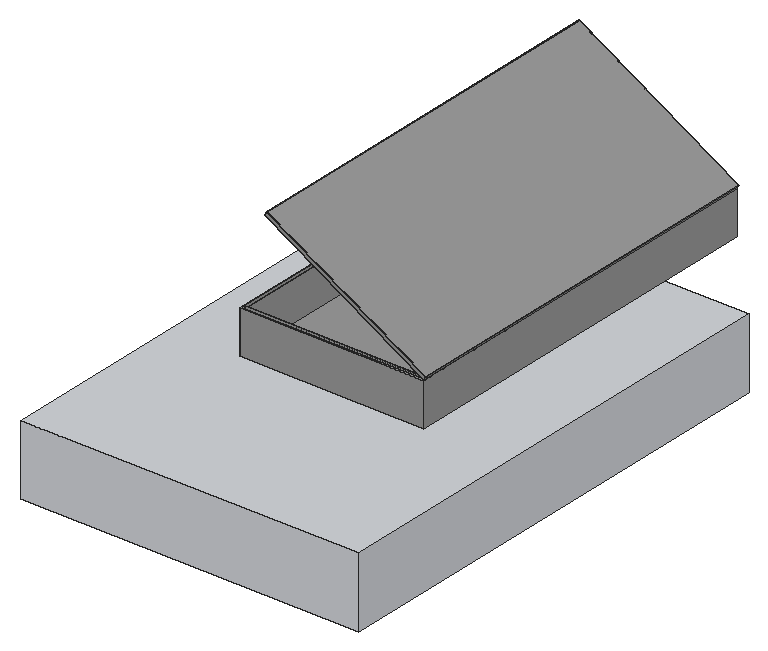
Revit family "Hager-Univers-IP54-D205-H1700-Cl.I-Encl-CH-fr", category Equipement électrique, Revit 2020
Family settings
  Hôte = Face
  Configuration du panneau = Deux colonnes, circuits au sein
  Cote de connecteur circulaire = Utiliser le diamètre
  Type d'élément = Tableau de raccordement
  Couper avec des vides une fois chargée = Non
  Partagée = Non
  Point de calcul de pièce = Non
Parameters (values of type "saillie IP54 L800 H1700 P205  - FP13TW2")
  Width Control [instance] = if([EF000008 - largeur] > Min Width, [EF000008 - largeur], Min Width)  # 800 mm
  Commentaires du type = [HG000003 - Gamme]  # "Univers"
  Thickness Door [instance] = if([EF009171 - épaisseur de matériau de la porte/du couvercle] > 3 mm, 3 mm, [EF009171 - épaisseur de matériau de la porte/du couvercle])  # 1 mm
  Seal Frame Offset [instance] = 17 mm  # constant formula
  Plinth Visibility [instance] = [HG000027 - Hauteur du socle] > 0 mm  # no
  Model = ""
  Min Width [instance] = 100 mm  # constant formula
  Min Height [instance] = 100 mm  # constant formula
  Min Depth [instance] = (2 * [EF009170 - épaisseur de matériau du boîtier]) + 1 mm  # 3 mm
  Internal Frame Depth [instance] = (Door System Depth * 0.5)  # 9 mm
  Height Control [instance] = if([EF000040 - hauteur] > Min Height, [EF000040 - hauteur], Min Height)  # 1700 mm
  HG000027 - Hauteur du socle = 0 mm
  HG000026 - Installation au sol = no
  HG000024 - Hauteur de la section basse = 800 mm
  HG000023 - Armoire double section = no
  HG000016 - Visibilité de la porte 3D [instance] = yes
  HG000015 - Visibilité de l'emprise de la porte [instance] = no
  HG000014 - Porte à droite [instance] = yes
  HG000013 - Porte à gauche [instance] = not([HG000014 - Porte à droite])  # no
  HG000012 - Angle de pivotement de la porte [instance] = 30.00°
  HG000010 - Portes asymétriques = no
  HG000009 - Porte à double battant = no
  HG000006 - Encastré = no
  HG000004 - Référence fabricant = "FP13TW2"
  HG000003 - Gamme = "Univers"
  HG000002 - avec porte = yes
  Frame Offset Bottom [instance] = 10 mm  # constant formula
  Frame Offset [instance] = 15 mm  # constant formula
  EF015940 - couvercle avec décharge de pression = no
  EF011959 - degré de protection (NEMA) = ""
  EF009554 - nombre d'ouvertures pour plaques à bride = 6
  Fabricant = "Hager"  # constant formula
  EF009212 - finition du couvercle = "EV000116 - fermé"
  EF009171 - épaisseur de matériau de la porte/du couvercle = 1 mm
  EF009170 - épaisseur de matériau du boîtier = 1 mm
  EF008873 - courant nominal (In) = 400 A
  EF007800 - adapté à un parafoudre = no
  EF006306 - avec serrure = no
  EF006244 - couvercle/porte transparent(e) = no
  EF005474 - indice de protection (IP) = "EV006419 - IP54"
  EF004464 - type de porte = "EV002646 - unique"
  EF004427 - nombre de modules = 396
  EF004293 - indice de protection contre les chocs (IK) = "EV006815 - IK09"
  EF003532 - convient pour utilisation à l’extérieur = no
  EF002950 - largeur en nombre de modules = 36
  EF001613 - maintien de fonction = "EV000494 - sans"
  EF001596 - matériau du boîtier/corps = "EV000179 - acier"
  EF001131 - profondeur intérieure = 205 mm
  EF001088 - possibilité de montage en saillie = yes
  EF000437 - nombre d'entrées de conduit = 6
  EF000339 - type de capot = "EV001012 - couvercle"
  EF000266 - nombre de rangées = 11
  EF000218 - profondeur d'encastrement = 205 mm
  EF000118 - avec cadre/support de montage = no
  EF000116 - numéro RAL = "9010"
  EF000049 - profondeur = 205 mm
  EF000040 - hauteur = 1700 mm
  EF000008 - largeur = 800 mm
  EF000007 - couleur = "EV000202 - blanc"
  EF000003 - mode de pose = "EV000384 - saillie"
  Door System Leaf Tolerance [instance] = 1.5 mm  # constant formula
  Door System Depth [instance] = 18 mm  # constant formula
  Door Height [instance] = Height Control - [HG000027 - Hauteur du socle]  # 1700 mm
  Depth Control [instance] = if([EF000049 - profondeur] > Min Depth, [EF000049 - profondeur], Min Depth)  # 205 mm
  Default Elevation = 0 mm
  Connector Offset [instance] = Height Control / 2  # 850 mm
  Bottom Top Plate Trim [instance] = 1.5 mm  # constant formula
  Plinth height Ctrl [instance] = if([HG000027 - Hauteur du socle] > 0 mm, [HG000027 - Hauteur du socle], 12 mm)  # 12 mm
Types (5, lengths in mm): name | Width Control | HG000009 - Porte à double battant | HG000004 - Référence fabricant | EF009554 - nombre d'ouvertures pour plaques à bride | EF008873 - courant nominal (In) | EF004464 - type de porte | EF004427 - nombre de modules | EF002950 - largeur en nombre de modules | EF000437 - nombre d'entrées de conduit | EF000008 - largeur
  saillie IP54 L1050 H1700 P205  - FP14TW2 | 1050 | yes | "FP14TW2" | 8 | 400 A | "EV003602 - double" | 528 | 48 | 8 | 1050
  saillie IP54 L1300 H1700 P205  - FP15TW2 | 1300 | no | "FP15TW2" | 10 | 400 A | "EV003602 - double" | 660 | 60 | 10 | 1300
  saillie IP54 L300 H1700 P205  - FP11TW2 | 300 | no | "FP11TW2" | 2 | 250 A | "EV002646 - unique" | 132 | 12 | 2 | 300
  saillie IP54 L550 H1700 P205  - FP12TW2 | 550 | no | "FP12TW2" | 4 | 250 A | "EV002646 - unique" | 264 | 24 | 4 | 550
  saillie IP54 L800 H1700 P205  - FP13TW2 | 800 | no | "FP13TW2" | 6 | 400 A | "EV002646 - unique" | 396 | 36 | 6 | 800
Reference planes
  plane 1 "Center (Front/Back)": y = 0
  plane 2: z = 0
  plane 3 "Center (Left/Right)": x = 0
  plane 4: z = 205
  plane 5: y = 1
  plane 6: y = 850
  plane 7: y = 0
  plane 8: y = 1700
  plane 9: z = 0
  plane 10: x = -385
  plane 11: x = 385
  plane 12: x = 384
  plane 13: x = -384
  plane 14: y = 1699
  plane 15: x = -383
  plane 16: x = -400
  plane 17: x = 383
  plane 18: x = 400
  plane 19: x = 399
  plane 20: x = -399
  plane 21: y = 11
  plane 22: y = 1700
  plane 23: y = 1684
  plane 24: z = 187
  plane 25: z = 1
  plane 26: z = 186
  plane 27: z = 204
Forms (mm)
  Extrusion 1, solid
    sketch origin (0, 0, 0) x (1, 0, 0) y (0, 1, 0)
      loop
        line (-702.964, 1305) -> (-702.964, -811.445) -> (766.763, -811.445) -> (766.763, 1305) -> (-702.964, 1305)
    from 0 to -304.8
  Extrusion 2, solid, material "Hager_Steel_RAL7035_Light_Grey", visible <- "Plinth Visibility", detail levels medium+fine
    sketch origin (0, 0, 0) x (1, 0, 0) y (0, 1, 0)
      loop
        line (-400, 0) -> (400, 0) -> (400, 12) -> (-400, 12) -> (-400, 0)
    from 0 to 187
  Extrusion 3, solid, material "Hager_Steel_RAL7035_Light_Grey", detail levels medium+fine
    sketch origin (0, 0, 0) x (1, 0, 0) y (0, 1, 0)
      loop
        line (-400, 0) -> (400, 0) -> (400, 1700) -> (-400, 1700) -> (-400, 0)
    from 0 to 187
  Extrusion 4, void
    sketch origin (0, 0, 0) x (1, 0, 0) y (0, 1, 0)
      loop
        line (-399, 1) -> (399, 1) -> (399, 1699) -> (-399, 1699) -> (-399, 1)
    from 1 to 186
  Extrusion 5, void
    sketch origin (-381.607, -4572, 187) x (0, -1, 0) y (-1, 0, 0)
      loop
        line (-4583, 2.393) -> (-6256, 2.393) -> (-6256, -765.607) -> (-4583, -765.607) -> (-4583, 2.393)
    from 0 to 1 <- "EF009170 - épaisseur de matériau du boîtier"
  Extrusion 6, solid, material "Hager_Steel_RAL7035_Light_Grey", detail levels fine
    sketch origin (0, 0, 187) x (1, 0, 0) y (0, 1, 0)
      loop
        line (-384, 1684) -> (-384, 11) -> (384, 11) -> (384, 1684) -> (-384, 1684)
      loop
        line (-385, 10) -> (385, 10) -> (385, 1685) -> (-385, 1685) -> (-385, 10)
    from 0 to 9 <- "Internal Frame Depth"
  Extrusion 7, solid, material "Hager_Steel_RAL7035_Light_Grey", detail levels coarse
    sketch origin (0, 0, 0) x (1, 0, 0) y (0, 1, 0)
      loop
        line (-400, 0) -> (400, 0) -> (400, 1700) -> (-400, 1700) -> (-400, 0)
    from 0 to 205
  Sweep 8, void
    path in 3D
      loop
        line (-400, 12, 0) -> (400, 12, 0) -> (400, 12, 187) -> (-400, 12, 187) -> (-400, 12, 0)
    profile origin (-400, 12, 93.5) x (-1, 0, 0) y (0, -1, 0)
      loop
        line (0, 0) -> (0, 1.5) -> (-1.5, 1.5)
        arc (-1.5, 1.5) -> (-1.061, 0.439) -> (0, 0) r 1.5
Cuts and joins
  Extrusion 4, Extrusion 5 cuts Extrusion 3
  Sweep 8 cuts Extrusion 2
Lines and regions (mm)
  Masking region 1
    outline origin (0, 0, 0) x (1, 0, 0) y (0, 0, 1)
      loop
        line (-400, 205) -> (-400, 0) -> (400, 0) -> (400, 205) -> (-400, 205)
  Masking region 2, detail levels medium+fine
    outline origin (0, 140, 0) x (0, 1, 0) y (0, 0, 1)
      loop
        line (-140, 0) -> (1560, 0) -> (1560, 187) -> (-140, 187) -> (-140, 0)
  Masking region 3, not visible, detail levels medium+fine
    outline origin (0, 297.922, 0) x (0, 1, 0) y (0, 0, 1)
      loop
        line (563.578, 0) -> (603.578, 0) -> (603.578, 194)
        arc (603.578, 194) -> (600.649, 201.071) -> (593.578, 204) r 10
        line (593.578, 204) -> (563.578, 204) -> (563.578, 0)
  Masking region 4, detail levels coarse
    outline origin (0, 0, 180) x (0, 1, 0) y (0, 0, 1)
      loop
        line (0, -180) -> (1700, -180) -> (1700, 25) -> (0, 25) -> (0, -180)
  Masking region 5, visible <- "Plinth Visibility", detail levels medium+fine
    outline origin (0, 52.24, 12.345) x (0, 0, -1) y (0, 1, 0)
      loop
        line (10.845, -40.24) -> (-173.155, -40.24)
        arc (-173.155, -40.24) -> (-173.594, -41.301) -> (-174.655, -41.74) r 1.5
        line (-174.655, -41.74) -> (-174.655, -52.24) -> (12.345, -52.24) -> (12.345, -41.74)
        arc (12.345, -41.74) -> (11.285, -41.301) -> (10.845, -40.24) r 1.5
  Masking region 6, detail levels medium+fine
    outline origin (-381.607, -4572, 187) x (-1, 0, 0) y (0, -1, 0)
      loop
        line (18.393, -6272) -> (18.393, -4572) -> (-781.607, -4572) -> (-781.607, -6272) -> (18.393, -6272)
  Masking region 7, visible <- "Plinth Visibility", detail levels medium+fine
    outline origin (-381.607, -4727, 187) x (-1, 0, 0) y (0, -1, 0)
      loop
        arc (16.893, -4739) -> (17.332, -4737.939) -> (18.393, -4737.5) r 1.5
        line (18.393, -4737.5) -> (18.393, -4727) -> (-781.607, -4727) -> (-781.607, -4737.5)
        arc (-781.607, -4737.5) -> (-780.546, -4737.939) -> (-780.107, -4739) r 1.5
        line (-780.107, -4739) -> (16.893, -4739)
  Masking region 8, detail levels coarse
    outline origin (-442.548, -4669.526, 187) x (-1, 0, 0) y (0, -1, 0)
      loop
        line (-42.548, -6369.526) -> (-42.548, -4669.526) -> (-842.548, -4669.526) -> (-842.548, -6369.526) -> (-42.548, -6369.526)
  sketch lines
    curve 1: line (-400, 12, 187) -> (-400, 12, 0)
    curve 2: line (400, 12, 187) -> (-400, 12, 187)
    curve 3: line (400, 12, 187) -> (400, 12, 0)
    curve 4: line (-400, 12, 0) -> (400, 12, 0)
Dimensions and locks
  "Depth Control": plane 4 to Extrusion 1
  "HG000027 - Hauteur du socle": plane 1 "Center (Front/Back)" to plane 7
  "EF009170 - épaisseur de matériau du boîtier": plane 5 to plane 7
  locked: connector elem to plane 3 "Center (Left/Right)"
  equal spacing: plane 8, plane 6, plane 7
  locked: connector elem to plane 6
  "EF009170 - épaisseur de matériau du boîtier": plane 8 to plane 14
  "EF009170 - épaisseur de matériau du boîtier": plane 10 to plane 13
  "EF009170 - épaisseur de matériau du boîtier": plane 12 to plane 11
  "Frame Offset": plane 20 to plane 13
  "Frame Offset": plane 12 to plane 19
  "EF009170 - épaisseur de matériau du boîtier": plane 16 to plane 20
  "EF009170 - épaisseur de matériau du boîtier": plane 19 to plane 18
  "Seal Frame Offset": plane 16 to plane 15
  "Seal Frame Offset": plane 17 to plane 18
  "Frame Offset Bottom": plane 21 to plane 5
  "Frame Offset": plane 14 to plane 23
  equal spacing: plane 16, plane 3 "Center (Left/Right)", plane 18
  "Width Control": plane 16 to plane 18
  "EF009170 - épaisseur de matériau du boîtier": plane 4 to plane 27
  "EF009170 - épaisseur de matériau du boîtier": plane 24 to plane 26
  "EF009170 - épaisseur de matériau du boîtier": plane 25 to level
  "Door System Depth": plane 4 to plane 24
  "Height Control": plane 1 "Center (Front/Back)" to Extrusion 7 sketch curve
  "Height Control": Masking region 4 sketch curve to plane 1 "Center (Front/Back)"
  "Height Control": plane 1 "Center (Front/Back)" to plane 22
  "Bottom Top Plate Trim": profile plane to Sweep 8 sketch curve
  "Bottom Top Plate Trim": Sweep 8 sketch curve to profile plane
  "Plinth height Ctrl": plane 1 "Center (Front/Back)" to Extrusion 2 sketch curve
  "Plinth height Ctrl": Masking region 5 sketch curve to plane 1 "Center (Front/Back)"
  "Plinth height Ctrl": plane 1 "Center (Front/Back)" to Masking region 7 sketch curve
  "Thickness Door": Extrusion 6 sketch curve to Extrusion 6 sketch curve  (x3)
  "Thickness Door": cut or joined group of Extrusion 3, Extrusion 4, Extrusion 5 to Extrusion 6 sketch curve
  radius of Masking region 3 sketch curve = 10 mm
  "Bottom Top Plate Trim": radius of Masking region 5 sketch curve  (x2)
  "Bottom Top Plate Trim": radius of Sweep 8 sketch curve
  "Bottom Top Plate Trim": radius of Masking region 7 sketch curve  (x2)
  aligned and locked: plane 2 to Extrusion 1
  aligned and locked: level to Extrusion 1
  aligned and locked: level to Masking region 1 sketch curve
  aligned and locked: Masking region 1 sketch curve to plane 18
  aligned and locked: Masking region 1 sketch curve to plane 16
  aligned and locked: plane 7 to Masking region 2 sketch curve
  aligned and locked: level to Masking region 3 sketch curve
  aligned and locked: Masking region 3 sketch curve to plane 27
  aligned and locked: level to Masking region 2 sketch curve
  aligned and locked: plane 1 "Center (Front/Back)" to Extrusion 2 sketch curve
  aligned and locked: Extrusion 3 sketch curve to plane 7
  aligned and locked: plane 16 to Extrusion 3 sketch curve
  aligned and locked: plane 18 to Extrusion 3 sketch curve
  aligned and locked: plane 20 to Extrusion 4 sketch curve
  aligned and locked: plane 19 to Extrusion 4 sketch curve
  aligned and locked: Extrusion 4 sketch curve to plane 5
  aligned and locked: Extrusion 4 to plane 25
  aligned and locked: plane 26 to Extrusion 4
  aligned and locked: plane 24 to Extrusion 3
  aligned and locked: Extrusion 5 sketch curve to plane 21
  aligned and locked: Extrusion 5 sketch curve to plane 13
  aligned and locked: Extrusion 5 sketch curve to plane 12
  aligned and locked: plane 18 to Extrusion 7 sketch curve
  aligned and locked: plane 1 "Center (Front/Back)" to Extrusion 7 sketch curve
  aligned and locked: plane 16 to Extrusion 7 sketch curve
  aligned and locked: plane 4 to Extrusion 7
  aligned and locked: Extrusion 7 to level
  aligned and locked: level to Masking region 4 sketch curve
  aligned and locked: Masking region 4 sketch curve to plane 1 "Center (Front/Back)"
  aligned and locked: Masking region 4 sketch curve to plane 4
  aligned and locked: nested 1 to level
  aligned and locked: nested 1 to plane 16
  aligned and locked: plane 8 to Extrusion 3 sketch curve
  aligned and locked: plane 23 to Extrusion 5 sketch curve
  aligned and locked: plane 14 to Extrusion 4 sketch curve
  aligned and locked: Masking region 2 sketch curve to plane 8
  aligned and locked: level to Masking region 5 sketch curve
  aligned and locked: plane 16 to Extrusion 2 sketch curve
  aligned and locked: plane 18 to Extrusion 2 sketch curve
  aligned and locked: Masking region 5 sketch curve to plane 24
  aligned and locked: Masking region 2 sketch curve to plane 24
  aligned and locked: plane 24 to Extrusion 2
  aligned and locked: profile plane to Sweep 8 sketch curve  (x2)
  aligned and locked: Masking region 6 sketch curve to plane 18
  aligned and locked: Masking region 6 sketch curve to plane 22
  aligned and locked: Masking region 6 sketch curve to plane 16
  aligned and locked: plane 8 to plane 22
  aligned and locked: Masking region 6 sketch curve to plane 7
  aligned and locked: Masking region 7 sketch curve to plane 16
  aligned and locked: Masking region 7 sketch curve to plane 1 "Center (Front/Back)"
  aligned and locked: Masking region 7 sketch curve to plane 18
  aligned and locked: Masking region 8 sketch curve to plane 1 "Center (Front/Back)"
  aligned and locked: Masking region 8 sketch curve to plane 18
  aligned and locked: Masking region 8 sketch curve to plane 22
  aligned and locked: Masking region 8 sketch curve to plane 16
  aligned and locked: nested 2 to plane 7
  aligned and locked: plane 3 "Center (Left/Right)" to nested 2
  aligned and locked: nested 2 to plane 24
  aligned and locked: Extrusion 6 sketch curve to cut or joined group of Extrusion 3, Extrusion 4, Extrusion 5  (x4)
Automatic sketch dimensions
  Extrusion 1 sketch curve to Extrusion 1 sketch curve = 1469.727 mm
  Extrusion 1 sketch curve to Extrusion 1 sketch curve = 2116.445 mm
  Masking region 1 sketch curve to plane 4 = 0 mm
  plane 6 to Masking region 3 sketch curve = 11.5 mm
  Masking region 3 sketch curve to Masking region 3 sketch curve = 30 mm
  Masking region 5 sketch curve to plane 1 "Center (Front/Back)" = 0 mm
Nested families
  nested 1: "Hager_Enclosure_Symbol" at (-400, 0, 0) x (1, 0, 0) z (0, -1, 0), Height <- "Depth Control", Width <- "Width Control", type "Hager_Enclosure_Symbol"
    with Width_Ctrl 800 mm, Width 800 mm, Height_Ctrl 205 mm, Height 205 mm, A_Width_Int 13.453 mm, A_Width 161.438 mm, A_Height_Ctrl 179.375 mm, A_Height 179.375 mm
  nested 2: "EC000058_Univers_Door" at (0, 0, 187) x (1, 0, 0) z (0, 1, 0), Leaf_Tolerance <- "Door System Leaf Tolerance", Angle <- "HG000012 - Angle de pivotement de la porte", Door_Depth <- "Door System Depth", Door_Left <- "HG000013 - Porte à gauche", Transparent <- "EF006244 - couvercle/porte transparent(e)", Assymetrical <- "HG000010 - Portes asymétriques", Width <- "Width Control", Clearance <- "HG000015 - Visibilité de l'emprise de la porte", Double <- "HG000009 - Porte à double battant", 3d_Door <- "HG000016 - Visibilité de la porte 3D", Lock_Visibility <- "EF006306 - avec serrure", Width_Ctrl <- "Width Control", Door_Right <- "HG000014 - Porte à droite", Door <- "HG000002 - avec porte", Height <- "Door Height", Thickness <- "Thickness Door", type "EC000058_Univers_Door", detail levels medium+fine
    with min_wh 3 mm, Width_Ctrl 800 mm, Width 800 mm, Transparent no, Thickness 1 mm, Seal_Material Hager_Rubber, Lock_Visibility no, Lock_Material Hager_Plastic_RAL9005_Jet_Black, Leaf_Width 800 mm, Leaf_Tolerance_External_Sides 0 mm, Leaf_Tolerance 1.5 mm, Leaf_Offset 0 mm, Leaf_Height 1697 mm, Leaf_2_Width 800 mm, Leaf_2_Offset 400 mm, Leaf_1_Width 800 mm, Leaf_1_Offset 400 mm, Height_Ctrl 1700 mm, Height 1700 mm, Glass_Material Hager_Glass, Double_Clearance_Ctrl no, Double no, Door_Right_Ctrl yes, Door_Right yes, Door_Material Hager_Steel_RAL7035_Light_Grey, Door_Left_Ctrl no, Door_Left no, Door_Depth 18 mm, Door yes, Clearance_Material Hager_Clearance, Clearance_Depth 800 mm, Clearance_Ctrl no, Clearance no, Assymetrical no, Angle 30.00°, 3d_Door yes
Connectors
  electrical at (0, 850, 0)
    settings: on plane 9, index 1, voltage 0 V, apparent load 0 VA, apparent load phase1 0 VA, apparent load phase2 0 VA, apparent load phase3 0 VA, power factor 1, load classification "Other", number of poles 1, system type 30, power factor state 1, is connector primary yes, connector utility no, sub classification motor no, connector description ""
Definition of nested family "EC000058_Univers_Door"
  Parameters (values of type "EC000058_Univers_Door")
    min_wh [instance] = (2 * Thickness) + 1 mm  # 11 mm
    Width_Ctrl [instance] = 400 mm
    Width [instance] = 500 mm
    Transparent [instance] = yes
    Thickness [instance] = 5 mm
    Seal_Material [instance] = none
    Lock_Visibility [instance] = yes
    Lock_Material [instance] = none
    Leaf_Width [instance] = if((Width_Ctrl - 2 * Leaf_Tolerance_External_Sides) > 0 mm, (Width_Ctrl - 2 * Leaf_Tolerance_External_Sides), min_wh)  # 400 mm
    Leaf_Tolerance_External_Sides [instance] = 0 mm  # constant formula
    Leaf_Tolerance [instance] = 1.5 mm
    Leaf_Offset [instance] = 0 mm  # constant formula
    Leaf_Height [instance] = if((Height_Ctrl - 2 * Leaf_Tolerance) > 0 mm, (Height_Ctrl - 2 * Leaf_Tolerance), min_wh)  # 497 mm
    Leaf_2_Width [instance] = if(and(and(Double, Assymetrical), Door_Left), (Leaf_Width / 3) - (Leaf_Tolerance / 2), if(and(and(Double, Assymetrical), Door_Right), (Leaf_Width / 3) * 2 - (Leaf_Tolerance / 2), if(and(Double, not(Assymetrical)), (Leaf_Width / 2) - Leaf_Tolerance, Leaf_Width)))  # 400 mm
    Leaf_2_Offset [instance] = if(and(Double, Assymetrical), Leaf_2_Width / 2, if(and(Double, not(Assymetrical)), Leaf_Width / 4, Leaf_Width / 2))  # 200 mm
    Leaf_1_Width [instance] = if(and(and(Double, Assymetrical), Door_Right), (Leaf_Width / 3) - (Leaf_Tolerance / 2), if(and(and(Double, Assymetrical), Door_Left), (Width / 3) * 2 - (Leaf_Tolerance / 2), if(and(Double, not(Assymetrical)), (Leaf_Width / 2) - Leaf_Tolerance, Leaf_Width)))  # 400 mm
    Leaf_1_Offset [instance] = if(and(Double, Assymetrical), Leaf_1_Width / 2, if(and(Double, not(Assymetrical)), Leaf_Width / 4, Leaf_Width / 2))  # 200 mm
    Height_Ctrl [instance] = if(Height > min_wh, Height, min_wh)  # 500 mm
    Height [instance] = 500 mm
    Glass_Material [instance] = none
    Double_Clearance_Ctrl [instance] = and(Double, Clearance)  # no
    Double [instance] = no
    Door_Right_Ctrl [instance] = and(or(Door_Right, Double), Door)  # yes
    Door_Right [instance] = yes
    Door_Material [instance] = none
    Door_Left_Ctrl [instance] = and(or(Door_Left, Double), Door)  # no
    Door_Left [instance] = no
    Door_Depth [instance] = 30 mm
    Door [instance] = yes
    Default Elevation = 1219.2 mm
    Clearance_Material [instance] = none
    Clearance_Depth [instance] = if(Leaf_1_Width > Leaf_2_Width, Leaf_1_Width, Leaf_2_Width)  # 400 mm
    Clearance_Ctrl [instance] = and(not(Double), Clearance)  # yes
    Clearance [instance] = yes
    Assymetrical [instance] = yes
    Angle [instance] = 30.00°
    3d_Door [instance] = yes
  Reference planes
    plane 1 "Center (Front/Back)": y = 0
    plane 2 "Bottom": z = 0
    plane 3 "Center (Left/Right)": x = 0
    plane 4: z = 500
    plane 5: x = -200
    plane 6: x = 200
    plane 7: z = 500
    plane 8: x = -200
    plane 9: z = 0
    plane 10: x = 200
    plane 11: y = 0
    plane 12: z = 1.5
    plane 13: x = -600
    plane 14: y = -400
    plane 15: x = 600
    plane 16: x = 0
    plane 17: x = 0
    plane 18: x = -200
    plane 19: x = 200
    plane 20: z = 498.5
  Forms (mm)
    Extrusion 1, solid, material <- "Clearance_Material", visible <- "Double_Clearance_Ctrl"
      sketch origin (1200, 0, 0) x (1, 0, 0) y (0, 0, -1)
        loop
          line (-1800, -498.5) -> (-600, -498.5) -> (-600, 0) -> (-1800, 0) -> (-1800, -498.5)
      from 0 to -400
  Dimensions and locks
    equal spacing: plane 5, plane 3 "Center (Left/Right)", plane 6
    "Width_Ctrl": plane 5 to plane 6
    "Leaf_Offset": plane 5 to plane 8
    "Leaf_Offset": plane 6 to plane 10
    "Leaf_Offset": plane 9 to level
    "Leaf_Offset": plane 4 to plane 7
    "Height_Ctrl": plane 4 to level
    "Leaf_Tolerance": plane 12 to plane 9
    locked: plane 11 to plane 1 "Center (Front/Back)"
    "Leaf_1_Offset": plane 18 to plane 16
    "Leaf_2_Offset": plane 17 to plane 19
    "Leaf_1_Width": plane 13 to plane 8
    "Leaf_2_Width": plane 10 to plane 15
    "Clearance_Depth": plane 14 to plane 1 "Center (Front/Back)"
    "Leaf_Tolerance_External_Sides": plane 8 to plane 18
    "Leaf_Tolerance_External_Sides": plane 19 to plane 10
    "Leaf_Tolerance": plane 7 to plane 20
    aligned and locked: level to plane 2 "Bottom"
    aligned and locked: nested 1 to plane 16
    aligned and locked: nested 2 to plane 17
    aligned and locked: Extrusion 1 to plane 13
    aligned and locked: plane 15 to Extrusion 1
    aligned and locked: Extrusion 1 to plane 14
    aligned and locked: plane 12 to nested 1
    aligned and locked: nested 2 to plane 12
    aligned and locked: Extrusion 1 to plane 11
    aligned and locked: plane 20 to Extrusion 1
    aligned and locked: nested 2 to plane 11
    aligned and locked: nested 1 to plane 11
  Automatic sketch dimensions
    Extrusion 1 sketch curve to level = 0 mm
    plane 5 to Extrusion 1 sketch curve = 400 mm
    plane 6 to Extrusion 1 sketch curve = 400 mm
    Extrusion 1 sketch curve to plane 4 = 1.5 mm
  Nested families
    nested 1: "EC000058_Univers_Door_Leaf" at (0, 0, 1.5), Width <- "Leaf_1_Width", visible <- "Door_Left_Ctrl", Leaf_Height <- "Leaf_Height", Angle <- "Angle", 3d_Door <- "3d_Door", Transparent <- "Transparent", Clearance Material <- "Clearance_Material", Clearance <- "Clearance_Ctrl", Door_Material <- "Door_Material", Glass_Material <- "Glass_Material", Door_Depth <- "Door_Depth", Lock_Material <- "Lock_Material", Seal_Material <- "Seal_Material", Lock_Visibility <- "Lock_Visibility", Thickness <- "Thickness", type "EC000058_Univers_Door_Leaf"
      with Width 400 mm, Transparent_Glass_Offset 30 mm, Transparent_Ctrl yes, Transparent yes, Thickness 5 mm, Standard no, Seal_Material none, Seal_D2 8 mm, Seal_D1 1 mm, Offset_Internal_Frame 10 mm, Lock_Width 20 mm, Lock_Visibility_3d yes, Lock_Visibility yes, Lock_Thickness_3 3 mm, Lock_Thickness_2 1 mm, Lock_Thickness_1 3 mm, Lock_Radius_Offset_2 16 mm, Lock_Radius_Offset_1 15 mm, Lock_Radius_2 5 mm, Lock_Radius 6 mm, Lock_Offset 5 mm, Lock_Material none, Lock_Height 80 mm, Lock_Cover_Top_Offset_2d 17 mm, Lock_Cover_Height -65 mm, Leaf_Height 497 mm, Internal_Seal_Thickness 8 mm, Internal_Seal_Depth_2 4.5 mm, Internal_Frame_Depth 25 mm, Glass_Thickness -1 mm, Glass_Offset -2 mm, Glass_Material none, Door_Material none, Door_Depth 30 mm, Clearance Material none, Clearance yes, Angle_Ctrl 30.00°, Angle 30.00°, 3d_Door yes
    nested 2: "EC000058_Univers_Door_Leaf" at (0, 0, 1.5) x (-1, 0, 0) z (0, 0, 1), Width <- "Leaf_2_Width", visible <- "Door_Right_Ctrl", Leaf_Height <- "Leaf_Height", Angle <- "Angle", 3d_Door <- "3d_Door", Transparent <- "Transparent", Clearance Material <- "Clearance_Material", Clearance <- "Clearance_Ctrl", Door_Material <- "Door_Material", Glass_Material <- "Glass_Material", Door_Depth <- "Door_Depth", Lock_Material <- "Lock_Material", Seal_Material <- "Seal_Material", Lock_Visibility <- "Lock_Visibility", Thickness <- "Thickness", type "EC000058_Univers_Door_Leaf"
      with Width 400 mm, Transparent_Glass_Offset 30 mm, Transparent_Ctrl yes, Transparent yes, Thickness 5 mm, Standard no, Seal_Material none, Seal_D2 8 mm, Seal_D1 1 mm, Offset_Internal_Frame 10 mm, Lock_Width 20 mm, Lock_Visibility_3d yes, Lock_Visibility yes, Lock_Thickness_3 3 mm, Lock_Thickness_2 1 mm, Lock_Thickness_1 3 mm, Lock_Radius_Offset_2 16 mm, Lock_Radius_Offset_1 15 mm, Lock_Radius_2 5 mm, Lock_Radius 6 mm, Lock_Offset 5 mm, Lock_Material none, Lock_Height 80 mm, Lock_Cover_Top_Offset_2d 17 mm, Lock_Cover_Height -65 mm, Leaf_Height 497 mm, Internal_Seal_Thickness 8 mm, Internal_Seal_Depth_2 4.5 mm, Internal_Frame_Depth 25 mm, Glass_Thickness -1 mm, Glass_Offset -2 mm, Glass_Material none, Door_Material none, Door_Depth 30 mm, Clearance Material none, Clearance yes, Angle_Ctrl 30.00°, Angle 30.00°, 3d_Door yes
  Definition of nested family "EC000058_Univers_Door_Leaf"
    Parameters (values of type "EC000058_Univers_Door_Leaf")
      Width [instance] = 2000 mm
      Transparent_Glass_Offset [instance] = 30 mm
      Transparent_Ctrl [instance] = and(Transparent, [3d_Door])  # yes
      Transparent [instance] = yes
      Thickness [instance] = 5 mm
      Standard [instance] = and(not(Transparent), [3d_Door])  # no
      Seal_Material [instance] = none
      Seal_D2 [instance] = 8 mm  # constant formula
      Seal_D1 [instance] = 1 mm  # constant formula
      Offset_Internal_Frame [instance] = 10 mm  # constant formula
      Lock_Width [instance] = 20 mm  # constant formula
      Lock_Visibility_3d [instance] = and(Lock_Visibility, [3d_Door])  # yes
      Lock_Visibility [instance] = yes
      Lock_Thickness_3 [instance] = 3 mm  # constant formula
      Lock_Thickness_2 [instance] = 1 mm  # constant formula
      Lock_Thickness_1 [instance] = 3 mm  # constant formula
      Lock_Radius_Offset_2 [instance] = Lock_Radius_Offset_1 + 1 mm  # 16 mm
      Lock_Radius_Offset_1 [instance] = 15 mm  # constant formula
      Lock_Radius_2 [instance] = Lock_Radius - 1 mm  # 5 mm
      Lock_Radius [instance] = 6 mm  # constant formula
      Lock_Offset [instance] = 5 mm  # constant formula
      Lock_Material [instance] = none
      Lock_Height [instance] = 80 mm  # constant formula
      Lock_Cover_Top_Offset_2d [instance] = Lock_Radius_Offset_2 + 1 mm  # 17 mm
      Lock_Cover_Height [instance] = -(Lock_Height - Lock_Radius_Offset_1)  # -65 mm
      Leaf_Height [instance] = 2720.336 mm
      Internal_Seal_Thickness [instance] = 8 mm  # constant formula
      Internal_Seal_Depth_2 [instance] = 4.5 mm  # constant formula
      Internal_Frame_Depth [instance] = if(Door_Depth - Thickness > 5 mm, Door_Depth - Thickness, 5 mm)  # 25 mm
      Glass_Thickness [instance] = if(Thickness > 15 mm, Glass_Offset + 10 mm, -1 mm)  # -1 mm
      Glass_Offset [instance] = if(Thickness > 15 mm, -(Thickness + 10 mm) / 2, -2 mm)  # -2 mm
      Glass_Material [instance] = none
      Door_Material [instance] = none
      Door_Depth [instance] = 30 mm
      Default Elevation = 0 mm
      Clearance Material [instance] = none
      Clearance [instance] = yes
      Angle_Ctrl [instance] = if(Angle > 180.00°, 180.00°, Angle)  # 90.00°
      Angle [instance] = 90.00°
      3d_Door [instance] = yes
    Reference planes
      plane 1 "Center (Front/Back)": y = 0
      plane 2: z = 0
      plane 3 "Center (Left/Right)": x = 0
      plane 4: y = 2000
      plane 5: x = -1000
      plane 6: x = 1000
      plane 7: x = -3000
      plane 8: z = 2720.336
      plane 9: z = 30
      plane 10: z = 2690.336
      plane 11: x = 970
      plane 12: x = -970
      plane 13: y = -3
      plane 14: z = 107.833
      plane 15: y = -5
      plane 16: y = -223.314
      plane 17: x = -1000
      plane 18: z = 1360.168
      plane 19: y = 30
    Forms (mm)
      Extrusion 1, solid, material <- "Clearance Material", visible <- "Clearance"
        sketch origin (0, 0, 0) x (1, 0, 0) y (0, 0, 1)
          loop
            line (-3000, 2720.336) -> (-3000, 0) -> (1000, 0) -> (1000, 2720.336) -> (-3000, 2720.336)
        from 0 to -2000
      Extrusion 2, solid, material <- "Door_Material", visible <- "Standard", detail levels medium+fine
        sketch origin (-1000, 0, 0) x (0, 1, 0) y (-1, 0, 0)
          loop
            line (0, 30) -> (0, 25) -> (2000, 25) -> (2000, 30) -> (0, 30)
        from 0 to 2720.336 <- "Leaf_Height"
      Extrusion 3, solid, material <- "Door_Material", visible <- "Transparent_Ctrl", detail levels medium+fine
        sketch origin (-1000, 0, 0) x (0, 1, 0) y (-1, 0, 0)
          loop
            line (0, 25) -> (2000, 25) -> (2000, 30) -> (0, 30) -> (0, 25)
        from 0 to 2720.336 <- "Leaf_Height"
      Extrusion 4, void
        sketch origin (-1025, 2000, 0) x (0, 1, 0) y (0, 0, -1)
          loop
            line (-30, -2690.336) -> (-30, -30) -> (-1970, -30) -> (-1970, -2690.336) -> (-30, -2690.336)
        from 0 to 5 <- "Thickness"
      Sweep 5, solid, material <- "Seal_Material", visible <- "Transparent_Ctrl", detail levels fine
        path in 3D
          loop
            line (-1025, 30, 30) -> (-1025, 30, 2690.336) -> (-1025, 1970, 2690.336) -> (-1025, 1970, 30) -> (-1025, 30, 30)
        profile origin (-1025, 1000, 30) x (1, 0, 0) y (0, 0, 1)
          loop
            line (0, 0) -> (0, -8) -> (1, -8) -> (1, 0) -> (0, 0)
      Extrusion 6, solid, material <- "Glass_Material", visible <- "Transparent_Ctrl", detail levels medium+fine
        sketch origin (-1030, 0, 0) x (0, 1, 0) y (0, 0, -1)
          loop
            line (1970, -2690.336) -> (1970, -30) -> (30, -30) -> (30, -2690.336) -> (1970, -2690.336)
        from -2 <- "Glass_Offset" to -1 <- "Glass_Thickness"
      Extrusion 7, solid, material <- "Door_Material", visible <- "3d_Door", detail levels medium+fine
        sketch origin (-1025, 2000, 0) x (0, -1, 0) y (0, 0, -1)
          loop
            line (0, -2720.336) -> (2000, -2720.336) -> (2000, 0) -> (0, 0) -> (0, -2720.336)
          loop
            line (1995, -5) -> (5, -5) -> (5, -2715.336) -> (1995, -2715.336) -> (1995, -5)
        from 0 to 25 <- "Internal_Frame_Depth"
      Sweep 8, solid, material <- "Seal_Material", visible <- "Transparent_Ctrl", detail levels fine
        path in 3D
          loop
            line (-1025, 0, 0) -> (-1025, 2000, 0) -> (-1025, 2000, 2720.336) -> (-1025, 0, 2720.336) -> (-1025, 0, 0)
        profile origin (-1025, 0, 1360.168) x (1, 0, 0) y (0, 1, 0)
          loop
            line (0, 10) -> (2.975, 10)
            arc (2.975, 10) -> (4.053, 10.447) -> (4.5, 11.525) r 1.525
            line (4.5, 11.525) -> (4.5, 16.527)
            arc (4.5, 16.527) -> (4.069, 17.569) -> (3.027, 18) r 1.473
            line (3.027, 18) -> (0, 18) -> (0, 10)
      Extrusion 9, solid, material <- "Lock_Material", visible <- "Lock_Visibility_3d", detail levels fine
        sketch origin (-1030, 0, 0) x (0, 1, 0) y (0, 0, -1)
          loop
            arc (1993.5, -1400.168) -> (1994.561, -1399.729) -> (1995, -1398.668) r 1.5
            line (1995, -1398.668) -> (1995, -1320.168) -> (1975, -1320.168) -> (1975, -1398.668)
            arc (1975, -1398.668) -> (1975.439, -1399.729) -> (1976.5, -1400.168) r 1.5
            line (1976.5, -1400.168) -> (1993.5, -1400.168)
        from 3 <- "Lock_Thickness_1" to 0
      Blend 10, solid, material <- "Lock_Material", visible <- "Lock_Visibility_3d", detail levels fine
        base sketch origin (-1033, 0, 0) x (0, 1, 0) y (0, 0, -1)
          loop
            line (1975, -1320.168) -> (1975, -1398.668)
            arc (1975, -1398.668) -> (1975.439, -1399.729) -> (1976.5, -1400.168) r 1.5
            line (1976.5, -1400.168) -> (1993.5, -1400.168)
            arc (1993.5, -1400.168) -> (1994.561, -1399.729) -> (1995, -1398.668) r 1.5
            line (1995, -1398.668) -> (1995, -1320.168) -> (1975, -1320.168)
        top sketch origin (-1033, 0, 0) x (0, 1, 0) y (0, 0, -1)
          loop
            line (1976, -1320.168) -> (1976, -1398.668)
            arc (1976, -1398.668) -> (1976.146, -1399.022) -> (1976.5, -1399.168) r 0.5
            line (1976.5, -1399.168) -> (1993.5, -1399.168)
            arc (1993.5, -1399.168) -> (1993.854, -1399.022) -> (1994, -1398.668) r 0.5
            line (1994, -1398.668) -> (1994, -1320.168) -> (1976, -1320.168)
        from 0 to 1 <- "Lock_Thickness_2"
      Blend 11, solid, material <- "Lock_Material", visible <- "Lock_Visibility_3d", detail levels fine
        base sketch origin (-1034, 0, 0) x (0, 1, 0) y (0, 0, -1)
          loop
            line (1978, -1320.168) -> (1978, -1384.168)
            arc (1978, -1384.168) -> (1985, -1391.168) -> (1992, -1384.168) r 7
            line (1992, -1384.168) -> (1992, -1320.168) -> (1978, -1320.168)
        top sketch origin (-1034, 0, 0) x (0, 1, 0) y (0, 0, -1)
          loop
            line (1991, -1320.168) -> (1979, -1320.168) -> (1979, -1383.168)
            arc (1979, -1383.168) -> (1985, -1389.168) -> (1991, -1383.168) r 6
            line (1991, -1383.168) -> (1991, -1320.168)
        from 0 to 3 <- "Lock_Thickness_3"
      Extrusion 12, solid, material <- "Lock_Material", visible <- "Lock_Visibility_3d", detail levels fine
        sketch origin (-1030, 1975, 1320.168) x (1, 0, 0) y (0, -1, 0)
          loop
            line (-7, -19) -> (-7, -1) -> (0, -1) -> (0, 0) -> (-8, 0) -> (-8, -20) -> (0, -20) -> (0, -19) -> (-7, -19)
        from 0 to -65 <- "Lock_Cover_Height"
      Extrusion 13, void
        sketch origin (-1038, 1995, 1320.168) x (-1, 0, 0) y (0, 0, -1)
          loop
            line (-5, -65) -> (0, -65) -> (-5, -60) -> (-5, -65)
        from 0 to 20 <- "Lock_Width"
      Extrusion 14, void
        sketch origin (-1038, 1975, 1320.168) x (0, -1, 0) y (0, 0, -1)
          loop
            circle (-10, -15.995) r 6
          loop
            circle (-10, -15.995) r 5
        from 0 to 2
      Extrusion 15, solid, material <- "Lock_Material", visible <- "Lock_Visibility_3d", detail levels medium
        sketch origin (-1030, 0, 0) x (0, 1, 0) y (0, 0, -1)
          loop
            arc (1993.5, -1400.168) -> (1994.561, -1399.729) -> (1995, -1398.668) r 1.5
            line (1995, -1398.668) -> (1995, -1320.168) -> (1975, -1320.168) -> (1975, -1398.668)
            arc (1975, -1398.668) -> (1975.439, -1399.729) -> (1976.5, -1400.168) r 1.5
            line (1976.5, -1400.168) -> (1993.5, -1400.168)
        from 8 to 0
    Cuts and joins
      Extrusion 4 cuts Extrusion 3
      Extrusion 13, Extrusion 14 cuts Extrusion 9
      Extrusion 14 cuts Blend 11
      Extrusion 13, Extrusion 14 cuts Extrusion 12
      joined: Extrusion 9, Blend 10, Blend 11, Extrusion 12
      Extrusion 14 cuts Extrusion 15
    Lines and regions (mm)
      Masking region 1, visible <- "Lock_Visibility", detail levels fine
        outline origin (0, 0, 0) x (0, 1, 0) y (0, 0, 1)
          loop
            line (30, 1320.168) -> (33, 1320.168) -> (33, 1400.168) -> (30, 1400.168) -> (30, 1320.168)
      Masking region 2, visible <- "Lock_Visibility", detail levels fine
        outline origin (0, 3.143, 0) x (0, 1, 0) y (0, 0, 1)
          loop
            line (29.857, 1354.168) -> (30.857, 1354.168) -> (30.857, 1366.168) -> (29.857, 1366.168) -> (29.857, 1354.168)
      Masking region 3, detail levels medium+fine
        outline origin (0, 0, 0) x (0, 1, 0) y (0, 0, 1)
          loop
            line (0, 0) -> (30, 0) -> (30, 2720.336) -> (0, 2720.336) -> (0, 0)
      Masking region 4, detail levels medium+fine
        outline origin (0, 0, 0) x (1, 0, 0) y (0, 0, 1)
          loop
            line (-1000, 2720.336) -> (-1000, 0) -> (1000, 0) -> (1000, 2720.336) -> (-1000, 2720.336)
      Masking region 5, visible <- "Lock_Visibility", detail levels fine
        outline origin (-47.116, 0, 0) x (1, 0, 0) y (0, 0, 1)
          loop
            arc (1024.616, 1399.168) -> (1023.556, 1398.729) -> (1023.116, 1397.668) r 1.5
            line (1023.116, 1397.668) -> (1023.116, 1320.168) -> (1041.116, 1320.168) -> (1041.116, 1397.668)
            arc (1041.116, 1397.668) -> (1040.677, 1398.729) -> (1039.616, 1399.168) r 1.5
            line (1039.616, 1399.168) -> (1024.616, 1399.168)
      Masking region 6, visible <- "Lock_Visibility", detail levels medium+fine
        outline origin (-25, 0, 0) x (1, 0, 0) y (0, 0, 1)
          loop
            arc (1001.5, 1400.168) -> (1000.439, 1399.729) -> (1000, 1398.668) r 1.5
            line (1000, 1398.668) -> (1000, 1320.168) -> (1020, 1320.168) -> (1020, 1398.668)
            arc (1020, 1398.668) -> (1019.561, 1399.729) -> (1018.5, 1400.168) r 1.5
            line (1018.5, 1400.168) -> (1001.5, 1400.168)
      Masking region 7, visible <- "Lock_Visibility", detail levels fine
        outline origin (-73.735, 0, 0) x (1, 0, 0) y (0, 0, 1)
          loop
            line (1051.735, 1382.168) -> (1065.735, 1382.168) -> (1065.735, 1384.168)
            arc (1065.735, 1384.168) -> (1058.735, 1391.168) -> (1051.735, 1384.168) r 7
            line (1051.735, 1384.168) -> (1051.735, 1382.168)
      Masking region 8, visible <- "Lock_Visibility", detail levels fine
        outline origin (-73.735, 0, 0) x (1, 0, 0) y (0, 0, 1)
          loop
            line (1052.735, 1382.168) -> (1064.735, 1382.168) -> (1064.735, 1383.168)
            arc (1064.735, 1383.168) -> (1058.735, 1389.168) -> (1052.735, 1383.168) r 6
            line (1052.735, 1383.168) -> (1052.735, 1382.168)
      Masking region 9, visible <- "Lock_Visibility", detail levels fine
        outline origin (-25, 0, 0) x (1, 0, 0) y (0, 0, 1)
          loop
            line (1020, 1320.168) -> (1020, 1382.168) -> (1000, 1382.168) -> (1000, 1320.168) -> (1020, 1320.168)
      Masking region 10, detail levels medium+fine
        outline origin (0, 0, 0) x (1, 0, 0) y (0, 0, 1)
          loop
            circle (985, 1335.144) r 6
      Masking region 11, detail levels fine
        outline origin (0, 0, 0) x (1, 0, 0) y (0, 0, 1)
          loop
            circle (985, 1335.144) r 5
      Masking region 12, visible <- "Lock_Visibility", detail levels fine
        outline origin (0, 12.767, 0) x (0, 1, 0) y (0, 0, 1)
          loop
            line (20.233, 1320.168) -> (21.233, 1320.168) -> (21.233, 1399.168) -> (20.233, 1400.168) -> (20.233, 1320.168)
      Masking region 13, visible <- "Lock_Visibility", detail levels fine
        outline origin (0, 13.767, -10) x (0, 1, 0) y (0, 0, 1)
          loop
            line (20.233, 1330.168) -> (23.233, 1330.168) -> (23.233, 1399.168) -> (20.233, 1402.168) -> (20.233, 1330.168)
      Masking region 14, visible <- "Lock_Visibility", detail levels fine
        outline origin (0, 12.767, -10) x (0, 1, 0) y (0, 0, 1)
          loop
            line (20.233, 1330.168) -> (25.233, 1330.168) -> (25.233, 1399.305) -> (20.233, 1394.305) -> (20.233, 1330.168)
      Masking region 15, visible <- "Lock_Visibility", detail levels medium
        outline origin (0, 0, 0) x (0, 1, 0) y (0, 0, 1)
          loop
            line (30, 1320.168) -> (38, 1320.168) -> (38, 1400.168) -> (30, 1400.168) -> (30, 1320.168)
      Masking region 16, visible <- "Lock_Visibility", detail levels fine
        outline origin (-1000, 0, 0) x (0, 1, 0) y (-1, 0, 0)
          loop
            line (1975, 30) -> (1995, 30) -> (1995, 38) -> (1975, 38) -> (1975, 30)
          loop
            line (1979, 37) -> (1976, 37) -> (1976, 34) -> (1978, 34) -> (1979, 37)
          loop
            line (1994, 37) -> (1991, 37) -> (1992, 34) -> (1994, 34) -> (1994, 37)
      Masking region 17, visible <- "Lock_Visibility", detail levels medium
        outline origin (-1000, 0, 0) x (0, 1, 0) y (-1, 0, 0)
          loop
            line (1975, 30) -> (1995, 30) -> (1995, 38) -> (1975, 38) -> (1975, 30)
      symbolic lines
        curve 1: line (1000, 0, 0) -> (-3000, 0, 0)
        curve 2: arc (1000, 0, 0) -> (-1000, 2000, 0) -> (-3000, 0, 0) r 2000
        curve 4: line (-1030, 0, 0) -> (-1030, 2000, 0)
      reference lines
        curve 3: line (-1000, 0, 0) -> (-1000, 2000, 0)
      symbolic lines, detail levels medium+fine
        curve 5: line (-1030, 2000, 0) -> (-1025, 2000, 0)
        curve 7: line (-1025, 0, 0) -> (-1030, 0, 0)
        curve 8: line (-1025, 0, 0) -> (-1000, 0, 0)
        curve 9: line (-1000, 0, 0) -> (-1000, 2000, 0)
        curve 10: line (-1000, 2000, 0) -> (-1025, 2000, 0)
      symbolic lines, detail levels fine
        curve 6: line (-1025, 2000, 0) -> (-1025, 0, 0)
      sketch lines
        curve 11: line (-1025, 0, 2720.336) -> (-1025, 0, 0)
        curve 12: line (-1025, 2000, 0) -> (-1025, 0, 0)
        curve 13: line (-1025, 2000, 2720.336) -> (-1025, 2000, 0)
        curve 14: line (-1025, 0, 2720.336) -> (-1025, 2000, 2720.336)
        curve 15: line (-1025, 1970, 30) -> (-1025, 30, 30)
        curve 16: line (-1025, 30, 30) -> (-1025, 30, 2690.336)
        curve 17: line (-1025, 1970, 2690.336) -> (-1025, 1970, 30)
        curve 18: line (-1025, 30, 2690.336) -> (-1025, 1970, 2690.336)
      symbolic lines, visible <- "Transparent", detail levels medium+fine
        curve 19: line (-970, 0, 2690.336) -> (970, 0, 2690.336)
        curve 20: line (-970, 0, 30) -> (-970, 0, 2690.336)
        curve 21: line (970, 0, 30) -> (-970, 0, 30)
        curve 22: line (970, 0, 2690.336) -> (970, 0, 30)
    Dimensions and locks
      "Width": plane 1 "Center (Front/Back)" to plane 4
      equal spacing: plane 5, plane 3 "Center (Left/Right)", plane 6
      "Width": plane 5 to plane 6
      "Width": plane 7 to plane 5
      "Leaf_Height": plane 8 to level
      "Width": curve 5 to curve 3
      "Width": curve 3 to curve 3
      plane 8 to plane 10 = 30 mm
      plane 9 to level = 30 mm
      plane 12 to plane 5 = 30 mm
      plane 6 to plane 11 = 30 mm
      Extrusion 1 to Extrusion 4 sketch curve = 30 mm
      "Transparent_Glass_Offset": curve 3 to Extrusion 4 sketch curve
      "Transparent_Glass_Offset": Extrusion 4 sketch curve to cut or joined group of Extrusion 3, Extrusion 4  (x2)
      cut or joined group of Extrusion 3, Extrusion 4 to Extrusion 6 sketch curve = 30 mm
      "Transparent_Glass_Offset": cut or joined group of Extrusion 3, Extrusion 4 to Extrusion 4 sketch curve
      "Thickness": curve 6 to curve 4
      "Thickness": Extrusion 7 sketch curve to Extrusion 7 sketch curve  (x4)
      "Door_Depth": curve 4 to curve 3
      "Offset_Internal_Frame": profile plane to Sweep 8 sketch curve
      "Internal_Seal_Thickness": Sweep 8 sketch curve to Sweep 8 sketch curve
      "Internal_Seal_Depth_2": profile plane to Sweep 8 sketch curve
      "Seal_D1": profile plane to Sweep 5 sketch curve
      "Seal_D2": profile plane to Sweep 5 sketch curve
      "Thickness": Extrusion 2 sketch curve to Extrusion 2 sketch curve
      equal spacing: Extrusion 9 sketch curve, plane 18, Extrusion 9 sketch curve  (x2)
      equal spacing: Masking region 1 sketch curve, plane 18, Masking region 1 sketch curve
      "Lock_Height": Masking region 1 sketch curve to Masking region 1 sketch curve
      "Lock_Radius": Masking region 2 sketch curve to plane 18 to Masking region 2 sketch curve
      Masking region 2 sketch curve to Masking region 1 = 1 mm
      "Door_Depth": plane 19 to plane 1 "Center (Front/Back)"
      "Lock_Thickness_1": Masking region 1 sketch curve to plane 19
      "Lock_Width": Extrusion 9 sketch curve to Extrusion 9 sketch curve
      "Lock_Height": Extrusion 9 sketch curve to Extrusion 9 sketch curve
      "Lock_Offset": cut or joined group of Extrusion 3, Extrusion 4 to Extrusion 9 sketch curve
      equal spacing: plane 8, plane 18, level
      "Lock_Radius_Offset_1": Blend 11 sketch curve to Blend 10
      locked: Blend 10 to Blend 11 sketch curve at 2  (x2)
      locked: var sketch to Blend 11 sketch curve at 1  (x2)
      "Lock_Radius_Offset_2": Blend 11 sketch curve to Blend 10
      locked: Extrusion 12 sketch curve to Extrusion 12 sketch curve at 1  (x3)
      Masking region 6 sketch curve to Masking region 6 sketch curve = 80 mm
      "Lock_Height": Masking region 6 sketch curve to Masking region 6 sketch curve
      "Lock_Width": Masking region 6 sketch curve to Masking region 6 sketch curve
      locked: Masking region 6 to Masking region 5 sketch curve at 1  (x3)
      locked: Masking region 5 to Masking region 7 sketch curve at 2  (x2)
      "Lock_Radius_Offset_1": Masking region 5 to Masking region 7 sketch curve
      "Lock_Radius_Offset_2": Masking region 5 to Masking region 8 sketch curve
      locked: Masking region 7 to Masking region 8 sketch curve at 1  (x2)
      "Lock_Cover_Top_Offset_2d": Masking region 5 to Masking region 9 sketch curve
      equal spacing: Masking region 9, Masking region 10 sketch curve, Masking region 9
      equal spacing: Masking region 9, Masking region 11 sketch curve, Masking region 9
      Extrusion 15 sketch curve to Extrusion 15 sketch curve = 80 mm
      "Lock_Width": Extrusion 15 sketch curve to Extrusion 15 sketch curve
      "Lock_Height": Extrusion 15 sketch curve to Extrusion 15 sketch curve
      equal spacing: Extrusion 15 sketch curve, plane 18, Extrusion 15 sketch curve
      "Lock_Thickness_3": Masking region 13 sketch curve to Masking region 13 sketch curve
      "Lock_Height": Masking region 12 sketch curve to Masking region 12 sketch curve
      locked: Masking region 13 sketch curve to Masking region 1 at 8
      locked: Masking region 14 sketch curve to Masking region 13 at 1
      locked: Masking region 14 sketch curve to Masking region 1 at 10.863
      "Lock_Height": Masking region 15 sketch curve to Masking region 15 sketch curve
      "Lock_Offset": Extrusion 15 sketch curve to cut or joined group of Extrusion 3, Extrusion 4
      "Lock_Offset": plane 6 to Masking region 6 sketch curve
      radius of Sweep 8 sketch curve = 1.525 mm
      radius of Sweep 8 sketch curve = 1.473 mm
      radius of Extrusion 9 sketch curve = 1.5 mm  (x2)
      "Lock_Radius": radius of Extrusion 14 sketch curve
      "Lock_Radius_2": radius of Extrusion 14 sketch curve
      "Lock_Radius": radius of Masking region 10 sketch curve
      "Lock_Radius_2": radius of Masking region 11 sketch curve
      radius of Extrusion 15 sketch curve = 1.5 mm  (x2)
      "Angle_Ctrl": angle plane 1 "Center (Front/Back)" to curve 3
      locked: Masking region 12 sketch curve to Masking region 12 sketch curve (angle 45.00°)
      locked: Masking region 13 sketch curve to Masking region 13 sketch curve (angle 45.00°)
      locked: Masking region 14 sketch curve to Masking region 14 sketch curve (angle 45.00°)
      aligned and locked: level to plane 2
      aligned and locked: Extrusion 1 to curve 1
      aligned and locked: plane 6 to Extrusion 1
      aligned and locked: Extrusion 1 to plane 1 "Center (Front/Back)"
      aligned and locked: plane 4 to Extrusion 1
      aligned and locked: plane 8 to Extrusion 1
      aligned and locked: curve 7 to Extrusion 2 sketch curve
      aligned and locked: curve 5 to Extrusion 2 sketch curve
      aligned and locked: curve 7 to Extrusion 3 sketch curve
      aligned and locked: Extrusion 3 sketch curve to curve 4
      aligned and locked: Extrusion 3 sketch curve to curve 6
      aligned and locked: Extrusion 3 sketch curve to curve 5
      aligned and locked: curve 9 to curve 3
      aligned and locked: Extrusion 7 sketch curve to cut or joined group of Extrusion 3, Extrusion 4  (x4)
      aligned and locked: plane 17 to curve 3
      aligned and locked: plane 1 "Center (Front/Back)" to curve 3
      aligned and locked: plane 17 to plane 5
      aligned and locked: Sweep 8 sketch curve to profile plane
      aligned and locked: Sweep 5 sketch curve to profile plane  (x2)
      aligned and locked: Masking region 1 to Masking region 2 sketch curve
      aligned and locked: plane 19 to Masking region 1 sketch curve
      aligned and locked: plane 1 "Center (Front/Back)" to Masking region 3 sketch curve
      aligned and locked: plane 19 to Masking region 3 sketch curve
      aligned and locked: level to Masking region 3 sketch curve
      aligned and locked: Masking region 3 sketch curve to plane 8
      aligned and locked: plane 17 to Masking region 4 sketch curve
      aligned and locked: level to Masking region 4 sketch curve
      aligned and locked: Masking region 4 sketch curve to plane 8
      aligned and locked: plane 12 to curve 20
      aligned and locked: plane 10 to curve 19
      aligned and locked: plane 11 to curve 22
      aligned and locked: curve 21 to plane 9
      aligned and locked: Extrusion 2 sketch curve to cut or joined group of Extrusion 3, Extrusion 4
      aligned and locked: Blend 10 sketch curve to Extrusion 9  (x4)
      aligned and locked: Extrusion 9 to Blend 10 sketch curve
      aligned and locked: Blend 10 to Blend 11 sketch curve
      aligned and locked: Extrusion 12 sketch curve to Blend 11
      aligned and locked: Extrusion 12 sketch curve to Extrusion 9  (x4)
      aligned and locked: Masking region 5 sketch curve to Masking region 6
      aligned and locked: Masking region 9 sketch curve to Masking region 6  (x3)
      aligned and locked: Masking region 12 sketch curve to Masking region 1
      aligned and locked: Masking region 13 sketch curve to Masking region 1
      aligned and locked: Masking region 12 to Masking region 14
      aligned and locked: Masking region 14 sketch curve to Masking region 1
      aligned and locked: Masking region 15 sketch curve to Masking region 14
      aligned and locked: Masking region 13 sketch curve to Masking region 12
      aligned and locked: Masking region 16 sketch curve to cut or joined group of Extrusion 14, Extrusion 15  (x4)
      aligned and locked: Masking region 16 sketch curve to cut or joined group of Extrusion 9, Blend 10, Blend 11, Extrusion 12, Extrusion 13, Extrusion 14  (x6)
      aligned and locked: cut or joined group of Extrusion 9, Blend 10, Blend 11, Extrusion 12, Extrusion 13, Extrusion 14 to Masking region 16 sketch curve
      aligned and locked: Masking region 17 sketch curve to cut or joined group of Extrusion 14, Extrusion 15  (x3)
      aligned and locked: Masking region 17 sketch curve to cut or joined group of Extrusion 9, Blend 10, Blend 11, Extrusion 12, Extrusion 13, Extrusion 14
      aligned and locked: Masking region 9 to Masking region 8 sketch curve
      aligned and locked: Masking region 9 to Masking region 7 sketch curve
    Automatic sketch dimensions
      plane 1 "Center (Front/Back)" to curve 2 = 0 mm
      curve 2 to plane 5 = 0 mm
      Extrusion 1 sketch curve to level = 0 mm
      Extrusion 1 sketch curve to plane 7 = 0 mm
      Extrusion 1 sketch curve to plane 6 = 0 mm
      Extrusion 1 sketch curve to plane 8 = 0 mm
      Extrusion 3 to Extrusion 6 sketch curve = 30 mm  (x4)
      Masking region 4 sketch curve to plane 6 = 0 mm
      Blend 10 sketch curve to Extrusion 9 = 1.5 mm
      Blend 10 sketch curve to Extrusion 9 = 1 mm
      Extrusion 13 sketch curve to Extrusion 12 = 0 mm  (x2)
      Extrusion 12 to Extrusion 13 sketch curve = 3 mm
      Extrusion 13 sketch curve to Extrusion 12 = 5 mm
      Extrusion 14 sketch curve to Extrusion 14 sketch curve = 0 mm  (x2)
      Extrusion 14 sketch curve to Extrusion 12 = 10 mm
      Extrusion 14 sketch curve to Extrusion 12 = 15.995 mm
      Masking region 5 sketch curve to Masking region 5 sketch curve = 1.5 mm  (x2)
      Masking region 10 sketch curve to plane 18 = 25.024 mm
      Masking region 11 sketch curve to plane 18 = 25.024 mm
      plane 19 to Masking region 14 sketch curve = 3 mm
      Masking region 16 sketch curve to Masking region 16 sketch curve = 3 mm
      curve 4 to curve 3 = 0 mm
      Blend 10 to Blend 11 sketch curve = 0 mm
      Masking region 6 sketch curve to Masking region 6 sketch curve = 1.5 mm  (x2)
      Masking region 6 sketch curve to plane 18 = 40 mm
      plane 19 to Masking region 12 sketch curve = 3 mm
      Masking region 12 sketch curve to Masking region 12 sketch curve = 1 mm
      Masking region 15 sketch curve to plane 19 = 0 mm
      Masking region 15 sketch curve to plane 18 = 40 mm
      radius of Blend 10 sketch curve to Extrusion 9 = 1 mm
Definition of nested family "Hager_Enclosure_Symbol"
  Parameters (values of type "Hager_Enclosure_Symbol")
    Width_Ctrl [instance] = if(Width > 1 mm, Width, 1 mm)  # 102.27 mm
    Width [instance] = 102.27 mm
    Height_Ctrl [instance] = if(Height > 1 mm, Height, 1 mm)  # 66.5 mm
    A_Width_Int [instance] = if(A_Width / 12 > 2 mm, A_Width / 12, 2 mm)  # 4.364 mm
    A_Width [instance] = if(A_Height_Ctrl * 0.9 > 2 mm, A_Height_Ctrl * 0.9, 2 mm)  # 52.369 mm
    A_Height_Ctrl [instance] = if(A_Height > 2 mm, A_Height, 2 mm)  # 58.188 mm
    Height [instance] = 66.5 mm
    A_Height [instance] = Height - (Height / 8)  # 58.188 mm
  Reference planes
    plane 1 "Centre (avant/arrière)": y = 0
    plane 2: z = 0
    plane 3 "Centre (gauche/droite)": x = 0
    plane 4: x = 52.369
    plane 5: y = 33.042
    plane 6: y = 41.77
    plane 7: y = 66.5
    plane 8: x = 26.184
    plane 9: y = 37.406
    plane 10: x = 102.27
    plane 11: y = 66.5
    plane 12: y = 8.313
  Lines and regions (mm)
    Filled region 1, type "Solid_Black", in view "Niveau de réf."
      outline origin (0, 0, 0) x (1, 0, 0) y (0, 1, 0)
        loop
          line (52.369, 66.5) -> (33.188, 54.536) -> (45.365, 45.006) -> (52.369, 66.5)
    Filled region 2, type "Solid_Black", in view "Niveau de réf."
      outline origin (0, 0, 0) x (1, 0, 0) y (0, 1, 0)
        loop
          line (0, 0) -> (102.27, 0) -> (102.27, 66.5) -> (0, 0)
    detail lines, in view "Niveau de réf."
      curve 1: line (0, 8.313, 0) -> (26.184, 41.77, 0)
      curve 2: line (26.184, 41.77, 0) -> (26.184, 33.042, 0)
      curve 3: line (26.184, 33.042, 0) -> (52.369, 66.5, 0)
  Dimensions and locks
    "A_Width": plane 3 "Centre (gauche/droite)" to plane 4
    equal spacing: plane 3 "Centre (gauche/droite)", plane 8, plane 4
    equal spacing: plane 6, plane 9, plane 5
    equal spacing: curve 3, Filled region 1 sketch curve, Filled region 1 sketch curve
    "Height_Ctrl": plane 1 "Centre (avant/arrière)" to plane 11
    "A_Height_Ctrl": plane 11 to plane 12
    equal spacing: plane 11, plane 9, plane 12
    "A_Width_Int": plane 6 to plane 9
    "Width_Ctrl": plane 3 "Centre (gauche/droite)" to plane 10
    angle Filled region 1 sketch curve to curve 3 = 20.00°
    angle curve 3 to Filled region 1 sketch curve = 20.00°
    locked: curve 3 to Filled region 1 sketch curve (angle 90.00°)
    aligned and locked: plane 10 to Filled region 2
    aligned and locked: plane 11 to Filled region 2 sketch curve
    aligned and locked: plane 10 to Filled region 2 sketch curve
    aligned and locked: plane 3 "Centre (gauche/droite)" to curve 1
    aligned and locked: plane 12 to curve 1
    aligned and locked: plane 7 to plane 11
  Automatic sketch dimensions
    Filled region 1 sketch curve to plane 4 = 0 mm
    Filled region 1 sketch curve to plane 7 = 0 mm
    plane 1 "Centre (avant/arrière)" to Filled region 2 sketch curve = 0 mm
    Filled region 2 sketch curve to plane 3 "Centre (gauche/droite)" = 0 mm
    curve 2 to plane 6 = 0 mm
    curve 2 to plane 8 = 0 mm
    curve 3 to plane 4 = 0 mm
    curve 2 to plane 5 = 0 mm
    curve 3 to plane 7 = 0 mm
